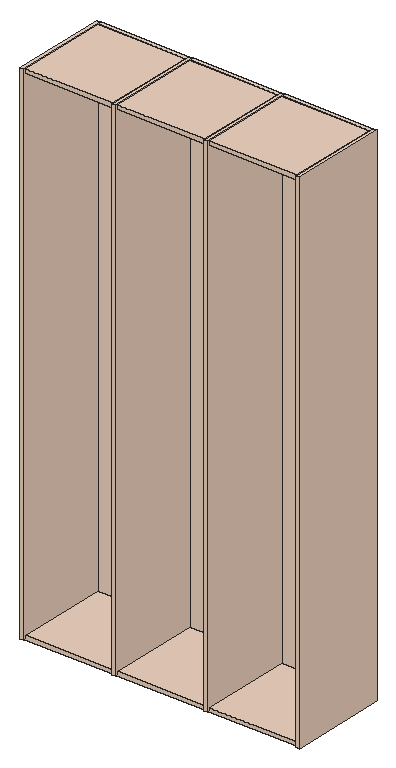
Revit family
Parameters
  Width = 1' - 0"
  Warranty Duration (Years) = 0
  Width Less Right Panel = Width - 0' 0 1/2"  # 0' - 11 1/2"
  Unit Width = Width + Width Less Right Panel * (Number of Cubbies Across - 1)  # 2' - 11"
  Unit 3 Vis = Number of Cubbies Across > 2  # yes
  Unit 2 Vis = Number of Cubbies Across > 1  # yes
  URL = "http://www.asilockers.com/"
  Specification = "http://www.arcat.com/sdspecs/htm/10503asi.htm"
  Send Message = "http://www.arcat.com/users.pl?action=UserEmail&company=ASI%20Storage%20Solutions%20Inc.&coid=42798&rep=139&fax=901-312-6197&mf="
  Sales Information = "http://www.asilockers.com/company.html"
  Revision = "R1_08-2010"
  Product Properties = "http://www.arcat.com/bim/bim_info.pl?fn=ASIStorage"
  Product Data = "http://www.arcat.com/arcatcos/cos42/arc42798.html"
  Number of Cubbies Across = 3
  Model = "As Specified in 10 51 13"
  Manufacturer Website = "http://www.asilockers.com/"
  Manufacturer Phone = "901-312-6195 "
  Manufacturer Fax = "901-312-6197"
  Manufacturer Address = "4444 Delp St., Memphis, TN 38118"
  Manufacturer = "ASI Storage Solutions Inc."
  Maintenance Schedule (Months) = 0
  Locker Type = Cubby_Single-tier_Unit_ASI : Cubby_Single-tier_Unit_ASI
  Keynote = "10 51 13"
  Installation-Fabrication = "http://www.asilockers.com/installation-assembly/installation.pdf"
  Installation Phase = ""
  Height = 5' - 4"
  Finish = "HDPE"
  Expected Lifespan (Years) = 0
  Drawn By = "Robert S. Weygant, CSI, CDT, SCIP"
  Description = "As Specified in 10 51 13"
  Depth = 1' - 0"
  Copyright = "2010, ARCAT, Inc"
  Construction Details = "http://www.asilockers.com/installation-assembly/one-page-assembly.pdf"
  Color Chart = "http://www.asilockers.com/color-guide.html"
  Color [instance] = Plastic - Ivory Essence Speckle #9500
  Assembly Code = "E2010200"
Reference planes (in)
  plane 1 "Center (Front/Back)": y = 0
  plane 2 "Bottom": z = 0
  plane 3 "Right": x = 0
  plane 4 "Front": y = -6
  plane 5 "Back": y = 6
  plane 6 "General Ref 1": x = -12
  plane 7 "General Ref 2": x = -23.5
  plane 8 "General Ref 3": x = -35
Dimensions and locks (in)
  equal spacing: plane 5 "Back", plane 1 "Center (Front/Back)", plane 4 "Front"
  "Depth": plane 5 "Back" to plane 4 "Front"
  "Width": plane 3 "Right" to plane 6 "General Ref 1"
  "Width Less Right Panel": plane 7 "General Ref 2" to plane 6 "General Ref 1"
  "Width Less Right Panel": plane 8 "General Ref 3" to plane 7 "General Ref 2"
  aligned and locked: nested 2 to plane 7 "General Ref 2"
  aligned and locked: nested 3 to plane 8 "General Ref 3"
  aligned and locked: plane 3 "Right" to nested 1
Nested families (in)
  nested 1: "Cubby_Single-tier_Unit_ASI" at (-6, 0, 0), Color <- "Color", type <- "Locker Type", type "Cubby_Single-tier_Unit_ASI"
    with Height 5' - 4"
  nested 2: "Cubby_Single-tier_Unit_ASI" at (-17.5, 0, 0), Color <- "Color", visible <- "Unit 2 Vis", type <- "Locker Type", type "Cubby_Single-tier_Unit_ASI"
    with Height 5' - 4"
  nested 3: "Cubby_Single-tier_Unit_ASI" at (-29, 0, 0), Color <- "Color", visible <- "Unit 3 Vis", type <- "Locker Type", type "Cubby_Single-tier_Unit_ASI"
    with Height 5' - 4"
Definition of nested family "Cubby_Single-tier_Unit_ASI"
  Parameters
    Width = 1' - 0"
    Warranty Duration (Years) = 0
    URL = "http://www.asilockers.com/"
    Specification = "http://www.arcat.com/sdspecs/htm/10503asi.htm"
    Send Message = "http://www.arcat.com/users.pl?action=UserEmail&company=ASI%20Storage%20Solutions%20Inc.&coid=42798&rep=139&fax=901-312-6197&mf="
    Sales Information = "http://www.asilockers.com/company.html"
    Revision = "R1_08-2010"
    Product Properties = "http://www.arcat.com/bim/bim_info.pl?fn=ASIStorage"
    Product Data = "http://www.arcat.com/arcatcos/cos42/arc42798.html"
    Model = "As Specified in 10 51 13"
    Manufacturer Website = "http://www.asilockers.com/"
    Manufacturer Phone = "901-312-6195 "
    Manufacturer Fax = "901-312-6197"
    Manufacturer Address = "4444 Delp St., Memphis, TN 38118"
    Manufacturer = "ASI Storage Solutions Inc."
    Maintenance Schedule (Months) = 0
    Keynote = "10 51 13"
    Installation-Fabrication = "http://www.asilockers.com/installation-assembly/installation.pdf"
    Installation Phase = ""
    Height = 5' - 0"
    Has Right Panel [instance] = yes
    Finish = "HDPE"
    Expected Lifespan (Years) = 0
    Drawn By = "Robert S. Weygant, CSI, CDT, SCIP"
    Description = "As Specified in 10 51 13"
    Depth = 1' - 0"
    Copyright = "2010, ARCAT, Inc"
    Construction Details = "http://www.asilockers.com/installation-assembly/one-page-assembly.pdf"
    Color Chart = "http://www.asilockers.com/color-guide.html"
    Color [instance] = Plastic - Ivory Essence Speckle #9500
    Assembly Code = "E2010200"
  Reference planes (in)
    plane 1 "Center (Front/Back)": y = 0
    plane 2 "Bottom": z = 0
    plane 3 "Center (Left/Right)": x = 0
    plane 4 "Front": y = -6
    plane 5 "Back": y = 6
    plane 6 "Left": x = -6
    plane 7 "Right": x = 6
    plane 8 "Top": z = 60
    plane 9 "Right at inside of Panel": x = 5.5
  Forms (in)
    Extrusion 1, solid, material "Plastic - Ivory Essence Speckle #9500" <- "Color"
      sketch origin (0, 0, 0) x (1, 0, 0) y (0, 0, 1)
        loop
          line (-5.5, 60) -> (-5.5, 59.5) -> (5.5, 59.5) -> (5.5, 60) -> (-5.5, 60)
        loop
          line (5.5, 0) -> (5.5, 0.5) -> (-5.5, 0.5) -> (-5.5, 0) -> (5.5, 0)
      from -5.5 to 5.88
    Extrusion 2, solid, material "Plastic - Ivory Essence Speckle #9500" <- "Color"
      sketch origin (0, 6, 0) x (-1, 0, 0) y (0, 0, 1)
        loop
          line (5.5, 60) -> (-5.5, 60) -> (-5.5, 0) -> (5.5, 0) -> (5.5, 60)
      from 0 to -0.5
    Extrusion 3, solid, material "Plastic - Ivory Essence Speckle #9500" <- "Color", visible <- "Has Right Panel"
      sketch origin (0, 0, 0) x (1, 0, 0) y (0, 0, 1)
        loop
          line (5.5, 60) -> (5.5, 0) -> (6, 0) -> (6, 60) -> (5.5, 60)
      from -6 to 6
    Extrusion 4, solid, material "Plastic - Ivory Essence Speckle #9500" <- "Color"
      sketch origin (0, 0, 0) x (-1, 0, 0) y (0, 0, -1)
        loop
          line (5.5, -60) -> (6, -60) -> (6, 0) -> (5.5, 0) -> (5.5, -60)
      from -6 to 6
  Dimensions and locks (in)
    equal spacing: plane 6 "Left", plane 3 "Center (Left/Right)", plane 7 "Right"
    equal spacing: plane 5 "Back", plane 1 "Center (Front/Back)", plane 4 "Front"
    "Width": plane 6 "Left" to plane 7 "Right"
    "Depth": plane 5 "Back" to plane 4 "Front"
    "Height": plane 8 "Top" to level
    locked: plane 4 "Front" to Extrusion 1 at 0.12
    locked: plane 7 "Right" to plane 9 "Right at inside of Panel" at 0.5
    locked: Extrusion 2 to plane 5 "Back" at 0.5
    aligned and locked: Extrusion 2 sketch curve to plane 9 "Right at inside of Panel"
    aligned and locked: Extrusion 1 to Extrusion 2
    aligned and locked: Extrusion 2 to Extrusion 4
    aligned and locked: Extrusion 3 to plane 4 "Front"
    aligned and locked: plane 5 "Back" to Extrusion 3
    aligned and locked: Extrusion 4 to plane 4 "Front"
    aligned and locked: plane 5 "Back" to Extrusion 4
  Automatic sketch dimensions
    Extrusion 1 sketch curve to plane 8 "Top" = 0' - 0"
    Extrusion 1 sketch curve to level = 0' - 0"
    Extrusion 1 sketch curve to plane 9 "Right at inside of Panel" = 0' - 0"  (x2)
    plane 6 "Left" to Extrusion 1 sketch curve = 0' - 0 1/2"  (x2)
    level to Extrusion 1 sketch curve = 0' - 0 1/2"
    Extrusion 1 sketch curve to plane 8 "Top" = 0' - 0 1/2"
    Extrusion 2 sketch curve to level = 0' - 0"
    plane 6 "Left" to Extrusion 2 sketch curve = 0' - 0 1/2"
    Extrusion 2 sketch curve to plane 8 "Top" = 0' - 0"
    Extrusion 3 sketch curve to level = 0' - 0"
    Extrusion 3 sketch curve to plane 9 "Right at inside of Panel" = 0' - 0"
    Extrusion 3 sketch curve to plane 7 "Right" = 0' - 0"
    Extrusion 3 sketch curve to plane 8 "Top" = 0' - 0"
    Extrusion 4 sketch curve to level = 0' - 0"
    Extrusion 4 sketch curve to plane 8 "Top" = 0' - 0"
    Extrusion 4 sketch curve to plane 6 "Left" = 0' - 0"
    Extrusion 4 sketch curve to Extrusion 4 sketch curve = 0' - 0 1/2"
